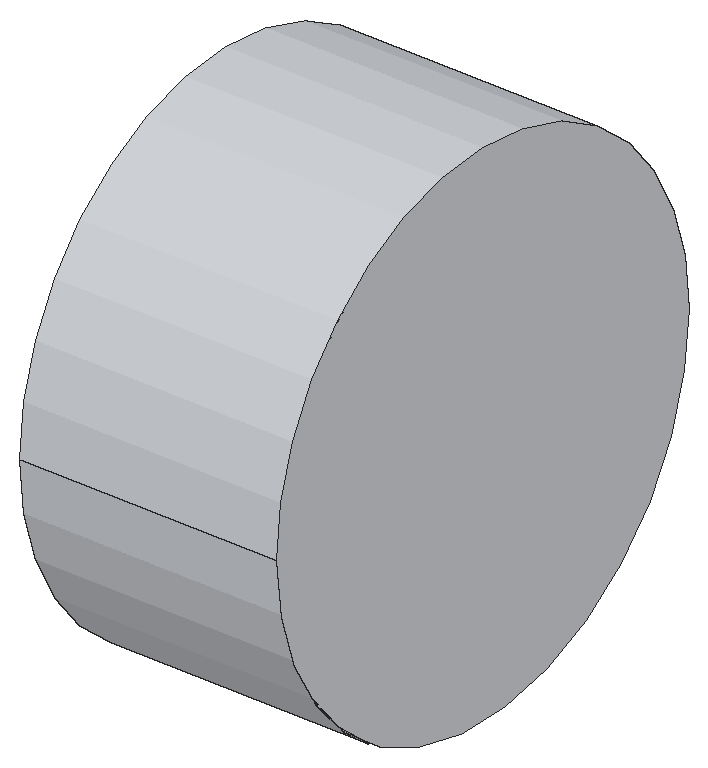
Revit family "5cc1251d10a64453bde58c85e478e192", category Pipe Fittings, Revit 2027
Family settings
  Round Connector Dimension = Use Radius
  Part Type = Cap
  Seek Item ID = Cap - Generic-0000-USA-ENU
  Work Plane-Based = No
  Always vertical = Yes
  Cut with Voids When Loaded = No
  Shared = No
Parameters (values of type "Standard")
  Nominal Radius [instance] = 1/2"
  Nominal Diameter [instance] = Nominal Radius * 2  # 1"
  Loss Method = Not Defined
  Lookup Table Name = "Pipe Fitting - Generic"
  Height [instance] = Fitting Outside Radius  # 9/16"
  Fitting Outside Radius [instance] = Fitting Outside Diameter / 2  # 9/16"
  Fitting Outside Diameter [instance] = size_lookup(Lookup Table Name, "FOD", Nominal Diameter + 1/8", Nominal Diameter)  # 1 1/8"
  Default Elevation = 0' - 0"
Reference planes (in)
  plane 1 "Center (Front/Back)": y = 0
  plane 2: z = 0
  plane 3 "Center (Left/Right)": x = 0
  plane 4: x = 0.5625
  plane 5: y = 0.5625
  plane 6: y = -0.5625
Forms (in)
  Extrusion 1, solid, detail levels fine
    sketch origin (0, 0, 0) x (0, 1, 0) y (0, 0, 1)
      loop
        circle (0, 0) r 0.5625
    from 0 to 0.5625
Lines and regions (in)
  model lines, detail levels coarse+medium
    curve 1: line (0, 0.5625, 0) -> (0.5625, 0.5625, 0)
    curve 2: line (0, -0.5625, 0) -> (0.5625, -0.5625, 0)
    curve 3: line (0.5625, 0.5625, 0) -> (0.5625, -0.5625, 0)
Dimensions and locks (in)
  "Height": plane 3 "Center (Left/Right)" to plane 4
  "Fitting Outside Radius": plane 5 to plane 1 "Center (Front/Back)"
  "Fitting Outside Radius": plane 1 "Center (Front/Back)" to plane 6
  "Fitting Outside Radius": radius of Extrusion 1 sketch curve
  aligned and locked: plane 1 "Center (Front/Back)" to Extrusion 1 sketch curve
  aligned and locked: plane 2 to Extrusion 1 sketch curve
  aligned and locked: Extrusion 1 to plane 3 "Center (Left/Right)"
  aligned and locked: plane 4 to Extrusion 1
  aligned and locked: plane 3 "Center (Left/Right)" to curve 1
  aligned and locked: plane 3 "Center (Left/Right)" to curve 2
  aligned and locked: plane 4 to curve 2
  aligned and locked: curve 2 to plane 6
  aligned and locked: curve 1 to plane 5
  aligned and locked: plane 6 to curve 3
  aligned and locked: plane 5 to curve 3
  aligned and locked: curve 3 to plane 4
Connectors (in)
  piping at (0, 0, 0), diameter 1, driven by "Nominal Radius"
    settings: on Extrusion 1, index 1, connector inside diameter 1", connector length 0' - 0", flow factor 0, pipe flow 0 GPM, pressure drop 0.00 psi, fitting loss kfactor 0, connector angle 0.00°, fixture units 0, engagement length 0' - 0", angle of deflection 0.00°, flow configuration 0, flow direction 0, fitting loss method 0, system type 28, joint type 0, gender type 0, connector reference index -1, connector utility 0, adjustable connector no, is connector primary yes, connector description ""
